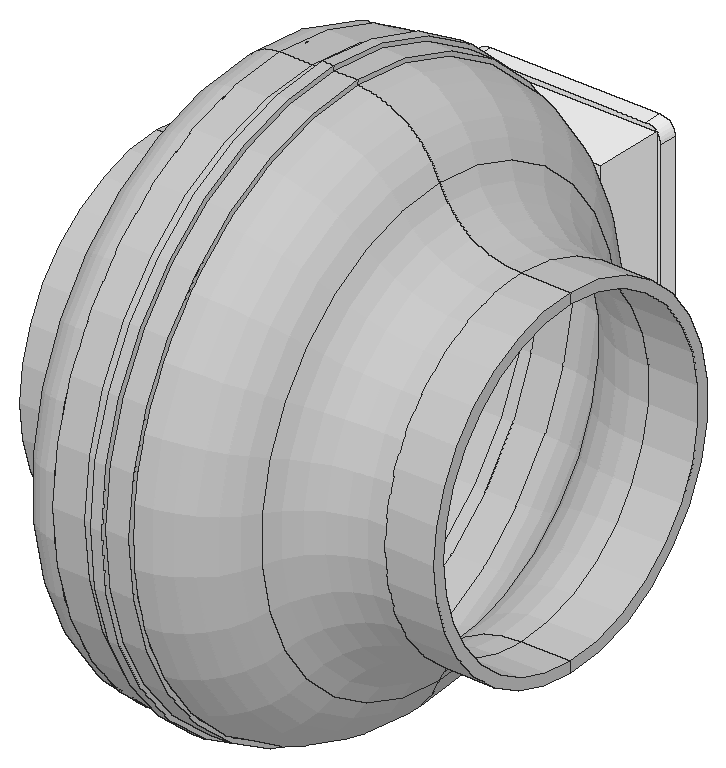
Revit family "CK 160 B AC_7000048", category Mechanical Equipment, Revit 2014
Parameters (values of type "CK 160 B AC")
  Wiring diagram = "4040001"
  Weight = 2.90 kg
  Voltage range = "220-240 / 50/60 V/Hz"
  Voltage = 230 V
  Speed = "2540 rpm"
  Sound pressure level at 3 m = "42 dB(A)"
  Power = 62 W
  Phase = 1
  Max. temperature of transported air when speed controlled = 70 °C
  Max. temperature of transported air = 70 °C
  Main Material = Steel, Galvanized
  Frequency = 50 Hz
  Elevation [instance] = 2735.5 mm
  Diameter = 159 mm
  Current = 0.27 A
  Capacitor = "2 μF"
Reference planes
  plane 1 "Center (Front/Back)": y = 0
  plane 2: z = 0
  plane 3 "Center (Left/Right)": x = 0
  plane 4: z = 2735.5
Dimensions and locks
  "Elevation": plane 4 to plane 2
  aligned and locked: level to plane 2
  aligned and locked: plane 3 "Center (Left/Right)" to nested 1
  aligned and locked: plane 1 "Center (Front/Back)" to nested 1
  aligned and locked: nested 1 to plane 4
  aligned and locked: plane 1 "Center (Front/Back)" to nested 2
  aligned and locked: plane 3 "Center (Left/Right)" to nested 2
Nested families
  nested 1: "CK 160 B AC_CK 160 B EC_geometry" at (0, 0, 2600), type "CK 160 B AC_CK 160 B EC_geometry"
  nested 2: "Flow direction symbol" at (0, 0, 0), type "Flow direction symbol"
Connectors
  hvac at (-97.5, 0, 2735.5), driven by "Diameter"
    settings: on nested 1, index 1, duct flow 0.0 L/s, flow factor 0, pres drop 0.0 Pa, loss coef 0, conn angle 0.00°, conn width 304.8 mm, conn height 304.8 mm, conn diameter 159 mm, duct sys type 1, conn prof type 0, flow config 0, flow direction 1, loss method 0, conn ref index -1, conn util no, is conn primary yes, conn desc ""
  hvac at (95.5, 0, 2735.5), driven by "Diameter"
    settings: on nested 1, index 2, duct flow 0.0 L/s, flow factor 0, pres drop 0.0 Pa, loss coef 0, conn angle 0.00°, conn width 304.8 mm, conn height 304.8 mm, conn diameter 159 mm, duct sys type 3, conn prof type 0, flow config 0, flow direction 2, loss method 0, conn ref index -1, conn util no, is conn primary no, conn desc ""
  electrical at (-43.502, 176.31, 2736.259), driven by "Phase", driven by "Voltage"
    settings: on nested 1, index 3, voltage 230 V, apparent load 0 VA, apparent load phase1 0 VA, apparent load phase2 0 VA, apparent load phase3 0 VA, power factor 1, load classification "Other", number of poles 1, system type 31, power factor state 1, is connector primary yes, connector utility no, sub classification motor no, connector description ""
Definition of nested family "CK 160 B AC_CK 160 B EC_geometry"
  Parameters (values of type "CK 160 B AC_CK 160 B EC_geometry")
    Main Material = Steel, Galvanized
  Reference planes
    plane 1 "Center (Front/Back)": y = 0
    plane 2: z = 0
    plane 3 "Center (Left/Right)": x = 0
    plane 4: z = 135.5
    plane 5: y = 176.31
    plane 6: y = 135.5
    plane 7: y = -135.5
    plane 8: x = -97.5
    plane 9: x = 97.5
    plane 10: z = 271
  Forms (mm)
    Revolve 1, solid, material "Steel, Galvanized" <- "Main Material", detail levels medium+fine
      sketch origin (0, 0, 0) x (1, 0, 0) y (0, 0, 1)
        loop
          line (95.5, 135.5) -> (-97.5, 135.5) -> (-97.5, 56) -> (-72.5, 56)
          arc (-72.5, 56) -> (-69.044, 54.767) -> (-67.149, 51.624) r 5.459
          line (-67.149, 51.624) -> (-61.749, 24.947)
          arc (-61.749, 24.947) -> (-60.336, 19.751) -> (-58.253, 14.786) r 40.927
          arc (-58.253, 14.786) -> (-50.68, 6.41) -> (-39.866, 3.161) r 21.017
          line (-39.866, 3.161) -> (-24.866, 3.161) -> (-19.811, 3.161) -> (-19.811, 0) -> (-14.811, 0) -> (-14.811, 2.154) -> (-3.542, 2.154) -> (-3.542, 4.113)
          arc (-3.542, 4.113) -> (19.336, 12.416) -> (34.302, 31.609) r 44.007
          arc (34.302, 31.609) -> (49.446, 49.895) -> (72.39, 56) r 38.97
          line (72.39, 56) -> (95.5, 56) -> (95.5, 135.5)
        axis (95.5, 135.5) -> (-97.5, 135.5)
      angle from 0 to 360
    Extrusion 2, solid, material "Plastic", detail levels medium+fine
      sketch origin (0, 16.648, 13.75) x (1, 0, 0) y (0, 0, 1)
        loop
          line (-4.004, 163.259) -> (-83, 163.259)
          arc (-83, 163.259) -> (-87.95, 161.209) -> (-90, 156.259) r 7
          line (-90, 156.259) -> (-90, 90.259)
          arc (-90, 90.259) -> (-87.071, 83.188) -> (-80, 80.259) r 10
          line (-80, 80.259) -> (-7.004, 80.259)
          arc (-7.004, 80.259) -> (0.067, 83.188) -> (2.996, 90.259) r 10
          line (2.996, 90.259) -> (2.996, 156.259)
          arc (2.996, 156.259) -> (0.945, 161.209) -> (-4.004, 163.259) r 7
      from -159.662 to -151.628
    Extrusion 3, solid, material "Plastic", detail levels medium+fine
      sketch origin (0, 16.648, 13.75) x (0, 1, 0) y (0, 0, 1)
        loop
          line (118.852, 161.259) -> (118.852, 81.741) -> (151.628, 81.741) -> (151.628, 161.259) -> (118.852, 161.259)
      from -88 to 1
    Revolve 4, solid, material "Steel, Galvanized" <- "Main Material", detail levels coarse
      sketch origin (0, 0, 0) x (1, 0, 0) y (0, 0, 1)
        loop
          line (72.39, 56) -> (95.5, 56) -> (95.5, 135.5) -> (-97.5, 135.5) -> (-97.5, 56) -> (-72.314, 56)
          arc (-72.314, 56) -> (-68.88, 54.778) -> (-66.99, 51.662) r 5.435
          line (-66.99, 51.662) -> (-60.977, 22.47)
          arc (-60.977, 22.47) -> (-53.23, 8.764) -> (-38.588, 2.976) r 23.61
          arc (-38.588, 2.976) -> (-29.109, 2.055) -> (-19.811, 0) r 78.948
          line (-19.811, 0) -> (-4.319, 0)
          arc (-4.319, 0) -> (19.824, 9.705) -> (35.082, 30.783) r 46.91
          arc (35.082, 30.783) -> (49.622, 49.463) -> (72.388, 55.947) r 38.093
        axis (95.5, 135.5) -> (-97.5, 135.5)
      angle from 0 to 360
    Revolve 5, void
      sketch origin (0, 0, 0) x (1, 0, 0) y (0, 0, 1)
        loop
          line (95.5, 135.5) -> (-97.5, 135.5) -> (-97.5, 61) -> (-72.5, 61)
          arc (-72.5, 61) -> (-65.879, 58.637) -> (-62.249, 52.616) r 10.459
          line (-62.249, 52.616) -> (-56.848, 25.939)
          arc (-56.848, 25.939) -> (-55.608, 21.378) -> (-53.779, 17.02) r 35.927
          arc (-53.779, 17.02) -> (-48.028, 10.648) -> (-39.813, 8.161) r 16.017
          line (-39.813, 8.161) -> (-24.866, 8.161) -> (-19.811, 8.161) -> (-4.236, 9.079)
          arc (-4.236, 9.079) -> (16.253, 16.357) -> (29.663, 33.473) r 39.007
          arc (29.663, 33.473) -> (46.696, 54.071) -> (72.51, 61) r 43.97
          line (72.51, 61) -> (95.5, 61) -> (95.5, 135.5)
        axis (95.5, 135.5) -> (-97.5, 135.5)
      angle from 0 to 360
  Cuts and joins
    Revolve 5 cuts Revolve 1
  Dimensions and locks
    aligned and locked: level to plane 2
Definition of nested family "Flow direction symbol"
  Parameters (values of type "Flow direction symbol")
    Warning = "!"
    Text = "DIMENSIONS OVERCONSTRAINT"
  Reference planes
    plane 1: y = 0
    plane 2: x = 0
  Lines and regions (mm)
    detail lines
      curve 1: line (-0.506, 0.877, 0) -> (-0.506, -0.877, 0)
      curve 2: line (1.012, 0, 0) -> (-0.506, -0.877, 0)
      curve 3: line (-0.506, 0.877, 0) -> (1.012, 0, 0)
      curve 4: circle (0, 0, 0) r 1 normal (0, 0, 1)
